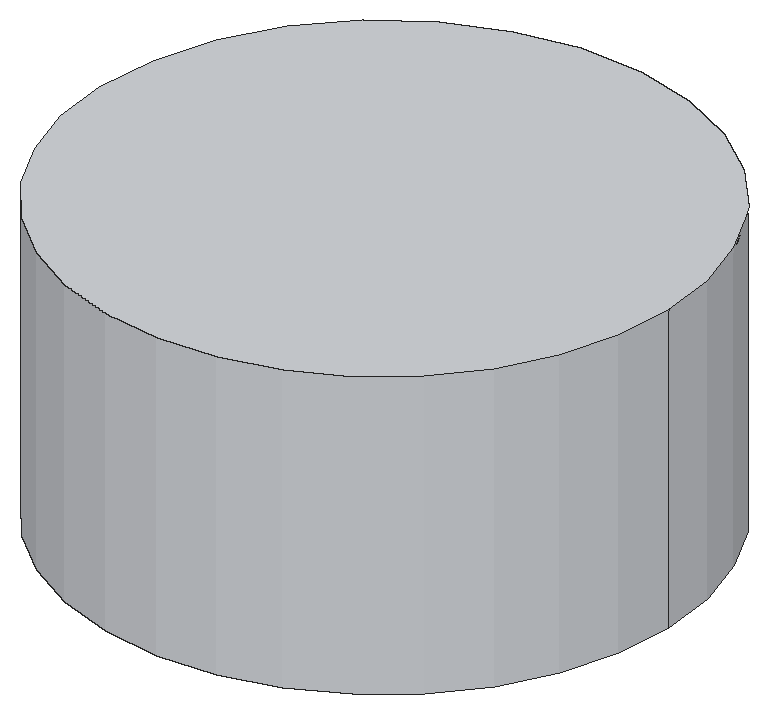
Revit family "PGD-3030-INLET FAMILY", category Generic Models, Revit 2022
Family settings
  Can host rebar = No
  Round Connector Dimension = Use Diameter
  Part Type = Normal
  Work Plane-Based = No
  Always vertical = Yes
  Cut with Voids When Loaded = No
  Maintain Annotation Orientation = No
  Shared = No
  Room Calculation Point = No
Parameters (values of type "PGD-30")
  URL = "https://www.anemostat-hvac.com/literature/PG-S-0012.pdf"
  Model = "PGD-30"
  Manufacturer = "ANEMOSTAT PRODUCTS"
  Description = "PG-30,9/16, PARAGON DIFFUSER, SUPPLY/RETURN"
  Default Elevation = 0' - 0"
  Connector_1_Diameter = 0' - 3 7/8"
Reference planes (in)
  plane 1 "Center (Front/Back)": y = 0
  plane 2: z = 0
  plane 3 "Center (Left/Right)": x = 0
Forms (in)
  Extrusion 1, solid
    sketch origin (-0.00019, -0.00003, 3.40793) x (0, 1, 0) y (1, 0, 0)
      loop
        circle (0, 0) r 0.12
    from 0 to -0.12
Dimensions and locks (in)
  aligned and locked: plane 2 to level
Connectors (in)
  hvac at (-0.00019, -0.00003, 3.40793), driven by "Connector_1_Diameter"
    settings: on Extrusion 1, index 1, duct flow 0 CFM, flow factor 0, pres drop 0.00 in-wg, loss coef 0, conn angle 0.00°, conn width 12", conn height 12", conn diameter 3 7/8", duct sys type 1, conn prof type 0, flow config 1, flow direction 1, loss method 0, conn ref index -1, conn util no, is conn primary yes, conn desc ""
